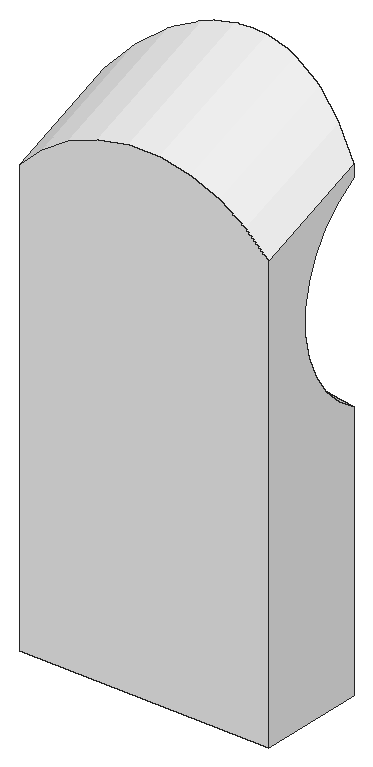
Revit family "Robe-Hook_Contemporary_Soiree_YH960_TOTO", category Furniture, host Face, Revit 2013
Parameters
  ecoScorecard_data = " "
  ecoScorecard Product Page = "  "
  Width = 1 11/32"  # constant formula
  Warranty URL = "http://www.totousa.com/warranty-registration"
  Warranty = "Lifetime Limited Warranty (Residential Use), One Year Limited (Commercial Use)"  # constant formula
  URL = "http://www.totousa.com"
  Toto BIM Number = "BM-00225"  # constant formula
  Subcategory = "Accessories"  # constant formula
  Style = "Contemporary"  # constant formula
  Spec Sheet URL = "http://assets.totousa.com/product-files/SS-00061_SOIREE%20ACCESSORIES.pdf"
  Shipping Weight = 0.50 lbf
  Series = "Soiree"  # constant formula
  Product Page URL = " "
  Parts Manual URL = " "
  Owners Manual URL = "  "
  Model = "YH960"  # constant formula
  Manufacturer Toll Free Phone = "1-888-295-8134"  # constant formula
  Manufacturer Phone = "(770) 282-8686 "  # constant formula
  Manufacturer Fax = "(770) 282-0002"  # constant formula
  Manufacturer Email = "mailto:custservice@totousa.com "
  Manufacturer Address = "1155 Southern Road, Morrow, Georgia 30260"  # constant formula
  Manufacturer = "TOTO USA, Inc."  # constant formula
  Height = 3/4"  # constant formula
  Finish = Metal - TOTO - Chrome - Polished
  Description = "Robe Hook"  # constant formula
  Depth = 2 31/32"  # constant formula
  Default Elevation = 0"
  Cost Info = "mailto:custservice@totousa.com "
  Color Availability = "#CP  Polished Chrome, #BN  Brushed Nickel, #PN  Polished Nickel"  # constant formula
  CAD Drawing URL = "http://assets.totousa.com/product-files/AD-00104_YH960.dxf"
  Assembly Code = "C1030200"
  95 CSI = "10800"
  04 CSI = "10 28 00"
Reference planes (in)
  plane 1 "Center (Front/Back)": y = 0
  plane 2: z = 0
  plane 3 "Center (Left/Right)": x = 0
  plane 4: x = -0.67187
  plane 5: x = 0.67188
  plane 6: y = 0.375
  plane 7: y = -0.375
  plane 8: z = 2.96875
Dimensions and locks (in)
  "Height": plane 7 to plane 6
  equal spacing: plane 7, plane 1 "Center (Front/Back)", plane 6
  "Width": plane 4 to plane 5
  equal spacing: plane 4, plane 3 "Center (Left/Right)", plane 5
  "Depth": plane 8 to host face
  aligned and locked: plane 2 to host face
  aligned and locked: level to host face
  aligned and locked: plane 3 "Center (Left/Right)" to nested 1
  aligned and locked: plane 1 "Center (Front/Back)" to nested 1
Automatic sketch dimensions
  host sketch curve to host sketch curve = 96"  (x2)
Nested families (in)
  nested 1: "YH960" at (0, 0, 0), type "YH960"
Definition of nested family "YH960"
  Parameters (values of type "YH960")
    ecoScorecard Product Page = ""
    Width = 1.35354"  # constant formula
    URL = "http://www.totousa.com"
    Shipping Weight = 0.50 lbf
    Model = "YH960CP"
    Manufacturer = ""
    Height = 0.73819"  # constant formula
    Finish = Metal - TOTO - Chrome - Polished
    Description = "Robe Hook"
    Depth = 2.95315"  # constant formula
    Default Elevation = 48"
    Assembly Code = ""
  Reference planes (in)
    plane 1 "Center (Front/Back)": y = 0
    plane 2: z = 0
    plane 3 "Center (Left/Right)": x = 0
    plane 4: z = 2.95315
    plane 5: z = 2.67795
    plane 6: y = -0.36909
    plane 7: y = 0.36909
    plane 8: x = -0.67677
    plane 9: x = 0.67677
  Forms (in)
    Extrusion 1, solid
      sketch origin (0, 0, 0) x (1, 0, 0) y (0, 1, 0)
        loop
          line (-48, 48) -> (-48, -48) -> (48, -48) -> (48, 48) -> (-48, 48)
      from 0 to -12
    Blend 2, solid, material "Metal - TOTO - Chrome - Polished" <- "Finish"
      base sketch origin (12.06102, -0.20509, 92.27586) x (0, 0, 1) y (1, 0, 0)
        loop
          line (-92.27586, -12.73737) -> (-89.90451, -12.73737)
          arc (-89.90451, -12.73737) -> (-89.59791, -12.0607) -> (-89.90499, -11.38425) r 0.89929
          line (-89.90499, -11.38425) -> (-92.27586, -11.38425) -> (-92.27586, -12.73737)
      top sketch origin (12.06102, -0.20509, 92.27586) x (0, 0, 1) y (1, 0, 0)
        loop
          line (-92.27586, -12.7378) -> (-89.6298, -12.7378)
          arc (-89.6298, -12.7378) -> (-89.32271, -12.06102) -> (-89.6298, -11.38425) r 0.89929
          line (-89.6298, -11.38425) -> (-92.27586, -11.38425) -> (-92.27586, -12.7378)
      from -0.164 to 0.57419
    Extrusion 3, void
      sketch origin (12.06102, 0, 0) x (1, 0, 0) y (0, 1, 0)
        loop
          arc (-12.7378, 0.21161) -> (-12.06102, 0.36909) -> (-11.38425, 0.21161) r 1.53295
          line (-11.38425, 0.21161) -> (-11.38425, 0.46799) -> (-12.7378, 0.46799) -> (-12.7378, 0.21161)
      from 0 to 2.95315
    Extrusion 4, void
      sketch origin (-11.32812, -0.32755, 0) x (0, 1, 0) y (0, 0, 1)
        loop
          arc (0.69664, 2.58387) -> (0.20448, 1.96753) -> (0.69664, 1.35119) r 0.632
          line (0.69664, 1.35119) -> (0.69664, 2.58387)
      from 10.65177 to 12.0049
  Cuts and joins
    Extrusion 3, Extrusion 4 cuts Blend 2
  Lines and regions (in)
    symbolic lines
      curve 1: arc (-0.67666, -0.32813, 2.5046) -> (-0.00147, -0.32813, 2.58387) -> (0.67373, -0.32813, 2.5046) r 2.91535
      curve 2: arc (-0.67666, -0.32813, 1.43046) -> (-0.00008, -0.32813, 1.35119) -> (0.67651, -0.32813, 1.43046) r 2.9272
  Dimensions and locks (in)
    "Width": plane 9 to plane 8
    locked: Blend 2 sketch curve to level at 0  (x2)
    locked: plane 8 to Blend 2 sketch curve at 0.00042
    equal spacing: plane 9, plane 3 "Center (Left/Right)", plane 8
    "Depth": plane 4 to plane 2
    locked: plane 5 to plane 2 at 2.67795
    "Height": plane 6 to plane 7
    locked: plane 7 to Extrusion 4 sketch curve at 0
    locked: Extrusion 4 sketch curve to plane 7 at 0.13984
    locked: level to Extrusion 4 sketch curve at 1.35119
    equal spacing: plane 6, plane 1 "Center (Front/Back)", plane 7
    locked: Blend 2 sketch curve to plane 8 at 0
    locked: plane 9 to Blend 2 sketch curve at 0  (x2)
    locked: Blend 2 sketch curve to plane 5 at 0.6241
    locked: Blend 2 sketch curve to plane 3 "Center (Left/Right)" at 0  (x2)
    locked: Blend 2 sketch curve to plane 5 at 0.03189
    locked: Blend 2 sketch curve to Blend 2 sketch curve at 0.59221
    locked: curve 1 to plane 3 "Center (Left/Right)" at 0.00147
    locked: plane 9 to curve 2 at 0.00027
    locked: curve 2 to plane 5 at 1.2475
    locked: plane 8 to curve 2 at 0.00011
    locked: plane 9 to curve 1 at 0.00304
    locked: curve 1 to plane 5 at 0.17335
    locked: plane 8 to curve 1 at 0.00011
    locked: plane 4 to curve 2 at 1.32524
    locked: Extrusion 3 sketch curve to plane 3 "Center (Left/Right)" at 0
    locked: Extrusion 3 sketch curve to plane 9 at 0
    locked: plane 7 to Extrusion 3 sketch curve at 0.15748
    locked: Extrusion 3 sketch curve to plane 6 at 0.79476
    locked: Extrusion 3 sketch curve to plane 7 at 0.09889
    aligned and locked: plane 2 to Extrusion 1
    aligned and locked: level to Extrusion 1
    aligned and locked: Extrusion 3 to level
    aligned and locked: cut or joined group of Blend 2, Extrusion 3, Extrusion 4 to plane 6
    aligned and locked: plane 8 to Extrusion 3 sketch curve
    aligned: cut or joined group of Blend 2, Extrusion 3, Extrusion 4 to plane 7
    aligned: Extrusion 3 to Blend 2
    aligned and locked: plane 4 to Extrusion 3
    aligned and locked: cut or joined group of Blend 2, Extrusion 3, Extrusion 4 to plane 7
    aligned and locked: Blend 2 to Extrusion 4
    aligned and locked: Extrusion 4 to Blend 2
  Automatic sketch dimensions
    Extrusion 1 sketch curve to Extrusion 1 sketch curve = 96"  (x2)
    Blend 2 sketch curve to plane 5 = 0.30661"
    Extrusion 4 sketch curve to Extrusion 4 sketch curve = 0.61634"
    curve 1 to level = 0.33148"
    curve 2 to curve 2 = 0"
